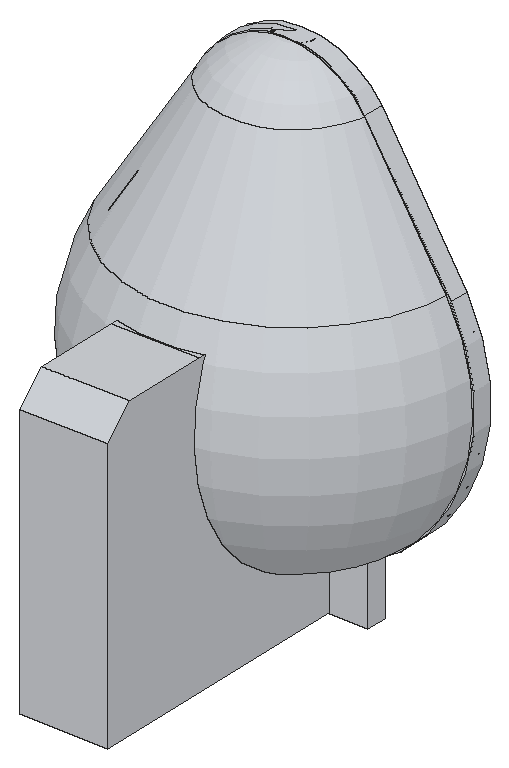
Revit family "Family1", category Plumbing Fixtures, host Face, Revit 2014
Parameters
  Default Elevation = 4' - 0"
Reference planes (in)
  plane 1 "Center (Front/Back)": y = 0
  plane 2: z = 0
  plane 3 "Center (Left/Right)": x = 0
  plane 4: x = 3.65625
  plane 5: x = -3.65625
  plane 6: x = 7
  plane 7: x = -7
  plane 8: z = 7.5
  plane 9: z = 17.59375
  plane 10: z = 0.5
  plane 11: z = 12.0731
  plane 12: z = 16.9481
  plane 13: x = 3
  plane 14: x = -3
  plane 15: z = 16.09375
  plane 16: y = -0.25
  plane 17: y = -0.75
  plane 18: z = 1.0106
  plane 19: x = 3.09375
  plane 20: x = -3.09375
Forms (in)
  Revolve 1, solid
    sketch origin (0, -0.25, -4.18565) x (0, 0, -1) y (-1, 0, 0)
      loop
        arc (-16.25875, -6.02566) -> (-9.22764, -6.08019) -> (-5.69625, 0) r 7
        line (-5.69625, 0) -> (-6.19625, 0)
        arc (-6.19625, 0) -> (-9.4731, -5.64458) -> (-15.99973, -5.59794) r 6.5
        line (-15.99973, -5.59794) -> (-20.8721, -2.57392)
        arc (-20.8721, -2.57392) -> (-21.91777, -1.47245) -> (-22.28998, 0) r 3
        line (-22.28998, 0) -> (-22.79, 0)
        arc (-22.79, 0) -> (-22.35472, -1.71553) -> (-21.13577, -2.99875) r 3.5
        line (-21.13577, -2.99875) -> (-16.25875, -6.02566)
      axis (-22.79, 0) -> (-5.69625, 0)
    angle from 0 to 180
  Extrusion 2, solid
    sketch origin (0.03125, -0.25, -4.40074) x (0, 0, -1) y (-1, 0, 0)
      loop
        arc (-16.31246, -6.11221) -> (-10.80767, -6.67673) -> (-6.61734, -3.0625) r 6.99024
        line (-6.61734, -3.0625) -> (-4.40074, -3.0625) -> (-4.40074, 3.125) -> (-6.64834, 3.125)
        arc (-6.64834, 3.125) -> (-10.91205, 6.70838) -> (-16.44046, 6.03277) r 6.98205
        line (-16.44046, 6.03277) -> (-21.4104, 2.94819)
        arc (-21.4104, 2.94819) -> (-23.00527, 0) -> (-21.4104, -2.94819) r 3.52237
        line (-21.4104, -2.94819) -> (-16.31246, -6.11221)
      loop
        line (-20.34476, -1.63051) -> (-15.05004, -3.88749)
        arc (-15.05004, -3.88749) -> (-8.1517, 0) -> (-15.05004, 3.88749) r 4.54455
        line (-15.05004, 3.88749) -> (-20.34476, 1.63051)
        arc (-20.34476, 1.63051) -> (-21.22494, 0) -> (-20.34476, -1.63051) r 1.95034
    from 0.25 to -0.5
  Extrusion 3, solid
    sketch origin (0, 0, 0) x (0, 1, 0) y (0, 0, 1)
      loop
        line (-6.74564, 11.11058) -> (-9.99564, 11.11058) -> (-11, 10.10622) -> (-11, 0) -> (-0.75, 0) -> (-0.75, 1.86803)
        arc (-0.75, 1.86803) -> (-5.87123, 5.08059) -> (-6.30349, 11.11058) r 6.68108
        line (-6.30349, 11.11058) -> (-6.74564, 11.11058)
    from 1.625 to -1.625
Lines and regions (in)
  symbolic lines, style "PlumbingFixtures"
    curve 1: line (6.02566, 0, 12.0731) -> (2.99522, 0, 16.98797)
    curve 2: arc (2.99522, 0, 16.98797) -> (-0.00478, 0, 18.64699) -> (-3.00478, 0, 16.98797) r 3.54196
    curve 3: line (-3.00478, 0, 16.98797) -> (-6.00282, 0, 12.11922)
    curve 4: arc (-6.00282, 0, 12.11922) -> (-6.72111, 0, 6.54457) -> (-3.08636, 0, 2.25725) r 6.95963
    curve 5: line (-3.08636, 0, 2.25725) -> (-3.08636, 0, 0)
    curve 6: line (3.09375, 0, 0) -> (3.09375, 0, 2.21659)
    curve 7: arc (3.09375, 0, 2.21659) -> (6.70928, 0, 6.50543) -> (6.02566, 0, 12.0731) r 7.01537
Dimensions and locks (in)
  equal spacing: plane 4, plane 3 "Center (Left/Right)", plane 5
  plane 4 to plane 5 = 0' - 7 5/16"
  host face to plane 10 = 0' - 0 1/2"
  plane 10 to plane 8 = 0' - 7"
  plane 8 to plane 9 = 0' - 10 3/32"
  equal spacing: plane 6, plane 3 "Center (Left/Right)", plane 7
  plane 8 to plane 11 = 0' - 4.5731"
  plane 8 to plane 12 = 0' - 9.4481"
  equal spacing: plane 13, plane 3 "Center (Left/Right)", plane 14
  plane 15 to plane 9 = 0' - 1 1/2"
  Extrusion 2 to plane 3 "Center (Left/Right)" = 0' - 3 3/32"
  aligned and locked: plane 2 to host face
  aligned and locked: level to host face
  aligned and locked: plane 1 "Center (Front/Back)" to Extrusion 2
  aligned and locked: Extrusion 3 to level
  aligned and locked: Extrusion 3 to Extrusion 2
Automatic sketch dimensions
  host sketch curve to host sketch curve = 8' - 0"  (x2)
  Revolve 1 sketch curve to Revolve 1 sketch curve = 0' - 0"  (x4)
  Revolve 1 sketch curve to plane 3 "Center (Left/Right)" = 0' - 0"  (x3)
  plane 9 to Revolve 1 sketch curve = 0' - 1.0106"  (x2)
  Revolve 1 sketch curve to plane 11 = 0' - 0"
  plane 8 to Revolve 1 sketch curve = 0' - 1.0106"
  plane 10 to Revolve 1 sketch curve = 0' - 1.0106"  (x2)
  Revolve 1 sketch curve to Revolve 1 sketch curve = 0' - 0 1/2"  (x2)
  Revolve 1 sketch curve to plane 13 = 0' - 0.00125"
  plane 12 to Revolve 1 sketch curve = 0' - 0.00202"
  Revolve 1 sketch curve to plane 12 = 0' - 0.26165"
  plane 3 "Center (Left/Right)" to Revolve 1 sketch curve = 0' - 0.02495"
  Revolve 1 sketch curve to plane 11 = 0' - 0.25901"
  Extrusion 3 sketch curve to level = 0' - 0"
  Extrusion 3 sketch curve to plane 17 = 0' - 0"
  plane 8 to Extrusion 3 sketch curve = 0' - 3.61058"
  Extrusion 3 sketch curve to plane 17 = 0' - 10 1/4"
  plane 16 to Extrusion 3 sketch curve = 0' - 0.10557"
  plane 18 to Extrusion 3 sketch curve = 0' - 0.85743"
  plane 8 to Extrusion 3 sketch curve = 0' - 1.0216"
  Extrusion 3 sketch curve to Extrusion 3 sketch curve = 0' - 1.00436"
  Extrusion 3 sketch curve to Extrusion 3 sketch curve = 0' - 3.69215"
  Extrusion 3 sketch curve to Extrusion 3 sketch curve = 0' - 0.44215"
  plane 3 "Center (Left/Right)" to Extrusion 2 sketch curve = 0' - 0 1/32"  (x3)
  Extrusion 2 sketch curve to plane 20 = 0' - 0"
  Extrusion 2 sketch curve to plane 19 = 0' - 0"
  Extrusion 2 sketch curve to level = 0' - 0"
  plane 18 to Extrusion 2 sketch curve = 0' - 1.206"
  plane 18 to Extrusion 2 sketch curve = 0' - 1.237"
  plane 8 to Extrusion 2 sketch curve = 0' - 0.7955"
  plane 3 "Center (Left/Right)" to Extrusion 2 sketch curve = 0' - 0.01606"
  Extrusion 2 sketch curve to Extrusion 2 sketch curve = 0' - 0.20334"
  plane 3 "Center (Left/Right)" to Extrusion 2 sketch curve = 0' - 0.03986"
  Extrusion 2 sketch curve to Extrusion 2 sketch curve = 0' - 0.00561"
  plane 4 to Extrusion 2 sketch curve = 0' - 0.26249"
  plane 8 to Extrusion 2 sketch curve = 0' - 3.1493"
  Extrusion 2 sketch curve to plane 5 = 0' - 0.19999"
  Extrusion 2 sketch curve to plane 6 = 0' - 0.85654"
  plane 7 to Extrusion 2 sketch curve = 0' - 0.99848"
  Extrusion 2 sketch curve to plane 15 = 0' - 1.21989"
  Extrusion 2 sketch curve to Extrusion 2 sketch curve = 0' - 0.2083"
  Extrusion 2 sketch curve to plane 15 = 0' - 0.14973"  (x2)
  plane 20 to Extrusion 2 sketch curve = 0' - 0.17681"
  Extrusion 2 sketch curve to plane 9 = 0' - 0.58409"
  Extrusion 2 sketch curve to plane 19 = 0' - 0.11431"
  Extrusion 2 sketch curve to plane 19 = 0' - 1.43199"
  curve 5 to Extrusion 2 = 0' - 0.00739"
  curve 5 to Extrusion 2 = 0' - 2.25725"
  Extrusion 2 to curve 1 = 0' - 2.93191"
  curve 2 to Extrusion 2 = 0' - 3.08897"
  curve 2 to curve 4 = 0' - 6.58679"
  curve 1 to Extrusion 2 = 0' - 0.09853"
  curve 1 to curve 2 = 0' - 1.88294"
  curve 2 to curve 3 = 0' - 4.86875"
  curve 5 to Extrusion 2 = 0' - 0"
  curve 7 to curve 5 = 0' - 6.24836"
  curve 4 to curve 7 = 0' - 0.01263"
  curve 2 to curve 1 = 0' - 4.91487"
  curve 6 to Extrusion 2 = 0' - 0"  (x2)
  curve 6 to curve 6 = 0' - 2.21659"
  curve 3 to Extrusion 2 = 0' - 0.08897"
  Extrusion 2 to curve 3 = 0' - 2.90907"
